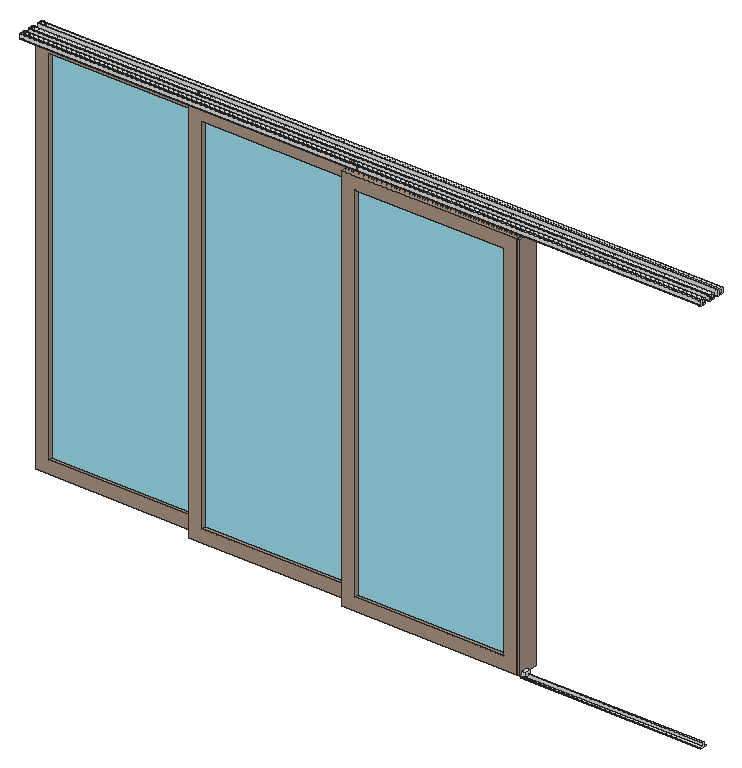
Revit family "Slido 3 Panel Pocket SPW3 XRDLP", category Doors, host Wall, Revit 2016
Family settings
  Host = Wall
  Always vertical = Yes
  Cut with Voids When Loaded = No
  Shared = No
  Room Calculation Point = No
Parameters (values of type "117"x 94 3/8"")
  URL = "www.raydoor.com"
  Type Image = SPW3.jpg
  Thickness = 2 1/4"  # constant formula
  Rough Width = 1"  # constant formula
  Rough Height = Width / 2.7209  # 43"
  Model = "SPW3"
  Function = Interior
  Door Material = Door - Panel
  Panel Material = Glass, Cast, Gray
  Height = 94 3/8"
  Trim Projection Ext = 63/64"  # constant formula
  Typ = 3"  # constant formula
  Wall Closure = By host
  Width = 117"
  Assembly Code = "SPW3 XRDLP"
Reference planes (in)
  plane 1: y = 0.00227
  plane 2: z = 0
  plane 3: x = 0
  plane 4: x = -58.5
  plane 5: x = 58.5
  plane 6: z = 94.375
  plane 7: x = 55.5
  plane 8: x = 57
  plane 9: x = 17.5
  plane 10: x = 19
  plane 11: x = 20.5
  plane 12: x = -57
  plane 13: x = -55.5
  plane 14: x = 101.5
  plane 15: x = 99.5
  plane 16: z = 92.375
  plane 17: y = -1.12191
  plane 18: y = -3.62191
  plane 19: y = 1.12809
  plane 20: y = -1.37191
  plane 21: y = 1.37809
  plane 22: y = 3.62809
  plane 23: x = -19
  plane 24: x = -17.5
  plane 25: x = -20.5
Forms (in)
  Extrusion 1, void
    sketch origin (-99, -5.58383, 0.25) x (1, 0, 0) y (0, 0, 1)
      loop
        line (157.5, -0.25) -> (200.5, -0.25) -> (200.5, 94.125) -> (157.5, 94.125) -> (157.5, -0.25)
    from -10.58085 to -0.33609
  Extrusion 2, void
    sketch origin (-195.25, -5.58383, 0.25) x (1, 0, 0) y (0, 0, 1)
      loop
        line (136.75, -0.25) -> (253.75, -0.25) -> (253.75, 94.125) -> (136.75, 94.125) -> (136.75, -0.25)
    from -12.58609 to 1.41391
  Extrusion 3, solid, material "Door - Panel" <- "Door Material"
    sketch origin (-58, 1.37582, 0.25) x (1, 0, 0) y (0, 0, 1)
      loop
        line (75.5, 92.125) -> (75.5, 0.375) -> (116.5, 0.375) -> (116.5, 92.125) -> (75.5, 92.125)
      loop
        line (78.5, 89.125) -> (78.5, 3.375) -> (113.5, 3.375) -> (113.5, 89.125) -> (78.5, 89.125)
    from 2.74773 to 4.99609
  Extrusion 4, solid, material "Glass, Cast, Gray" <- "Panel Material"
    sketch origin (-57.74997, -28.72623, 0.25) x (1, 0, 0) y (0, 0, 1)
      loop
        line (75.24997, 92.125) -> (75.24997, 1.25) -> (116.24998, 1.25) -> (116.24998, 92.125) -> (75.24997, 92.125)
    from -26.35104 to -26.10268
  Extrusion 5, void
    sketch origin (-58, -10.89076, -90.75) x (1, 0, 0) y (0, 0, 1)
      loop
        line (75.5, 92.25) -> (75.5, 91.375) -> (116.5, 91.375) -> (116.5, 92.25) -> (75.5, 92.25)
    from -8.51557 to -8.26721
  Extrusion 6, solid, material "Door - Panel" <- "Door Material"
    sketch origin (-99, -0.87481, 0.25) x (1, 0, 0) y (0, 0, 1)
      loop
        line (78.5, 92.125) -> (78.5, 0.375) -> (119.5, 0.375) -> (119.5, 92.125) -> (78.5, 92.125)
      loop
        line (81.5, 89.125) -> (81.5, 3.375) -> (116.5, 3.375) -> (116.5, 89.125) -> (81.5, 89.125)
    from -2.00126 to 0.2471
  Extrusion 7, solid, material "Glass, Cast, Gray" <- "Panel Material"
    sketch origin (-98.99995, -5.33855, 0.25) x (1, 0, 0) y (0, 0, 1)
      loop
        line (78.49995, 92.125) -> (78.49995, 1.25) -> (119.5, 1.25) -> (119.5, 92.125) -> (78.49995, 92.125)
    from -5.465 to -5.21664
  Extrusion 8, void
    sketch origin (-99, -13.13912, -90.75) x (1, 0, 0) y (0, 0, 1)
      loop
        line (78.5, 92.25) -> (78.5, 91.375) -> (119.5, 91.375) -> (119.5, 92.25) -> (78.5, 92.25)
    from -13.26557 to -13.01721
  Extrusion 9, solid, material "UHMW, White", detail levels medium+fine
    sketch origin (88.27771, -2.98033, 0.25) x (0, 1, 0) y (0, 0, 1)
      loop
        line (-0.04289, 93.90625) -> (-0.04289, 92.98401) -> (1.00562, 92.98401) -> (1.00562, 93.90625) -> (-0.04289, 93.90625)
    from -70.7777 to -67.7777
  Extrusion 10, solid, material "UHMW, White", detail levels medium+fine
    sketch origin (88.27771, -0.48033, 0.25) x (0, 1, 0) y (0, 0, 1)
      loop
        line (-0.04125, 93.90625) -> (-0.04125, 92.98401) -> (1.00726, 92.98401) -> (1.00726, 93.90625) -> (-0.04125, 93.90625)
    from -108.7777 to -105.7777
  Extrusion 11, solid, material "UHMW, White"
    sketch origin (0, 41.42165, -9.0893) x (0, 1, 0) y (0, 0, 1)
      loop
        line (-40.907, 103.38288) -> (-40.907, 103.4643) -> (-41.93051, 103.4643) -> (-41.93051, 103.38288)
        arc (-41.93051, 103.38288) -> (-41.93051, 103.30759) -> (-41.99571, 103.34523) r 0.04347
        line (-41.99571, 103.34523) -> (-42.03523, 103.34523) -> (-42.03523, 102.18925)
        arc (-42.03523, 102.18925) -> (-42.02398, 102.16209) -> (-41.99683, 102.15084) r 0.0384
        arc (-41.99683, 102.15084) -> (-41.95494, 102.17182) -> (-41.91305, 102.15084) r 0.0523
        line (-41.91305, 102.15084) -> (-41.71514, 102.15084) -> (-41.71514, 102.23084) -> (-41.93248, 102.24985) -> (-41.9641, 102.36784) -> (-41.9641, 103.22916) -> (-41.82974, 103.24091) -> (-41.82974, 103.37055) -> (-41.65586, 103.37055) -> (-41.65586, 103.28596) -> (-41.59658, 103.28596) -> (-41.59658, 103.37055) -> (-41.24093, 103.37055) -> (-41.24093, 103.28596) -> (-41.18165, 103.28596) -> (-41.18165, 103.37055) -> (-41.00777, 103.37055) -> (-41.00777, 103.24091) -> (-40.87341, 103.22916) -> (-40.87341, 102.36784) -> (-40.90503, 102.24985) -> (-41.12237, 102.23084) -> (-41.12237, 102.15084) -> (-40.92446, 102.15084)
        arc (-40.92446, 102.15084) -> (-40.88257, 102.17182) -> (-40.84068, 102.15084) r 0.0523
        arc (-40.84068, 102.15084) -> (-40.81353, 102.16209) -> (-40.80228, 102.18925) r 0.0384
        line (-40.80228, 102.18925) -> (-40.80228, 103.34523) -> (-40.8418, 103.34523)
        arc (-40.8418, 103.34523) -> (-40.907, 103.30759) -> (-40.907, 103.38288) r 0.04347
    from -58.5 to 101.5
  Extrusion 12, solid, material "UHMW, White"
    sketch origin (-41.44048, 0.41221, 94.125) x (0, -1, 0) y (1, 0, 0)
      loop
        circle (2.90868, 60.44048) r 0.125
    from -1.75 to 0.25
  Extrusion 13, solid, material "UHMW, White"
    sketch origin (0, 39.17329, -9.0893) x (0, 1, 0) y (0, 0, 1)
      loop
        line (-41.49257, 103.37055) -> (-41.49257, 103.28596) -> (-41.43329, 103.28596) -> (-41.43329, 103.37055) -> (-41.25941, 103.37055) -> (-41.25941, 103.24091) -> (-41.12505, 103.22916) -> (-41.12505, 102.36784) -> (-41.15667, 102.24985) -> (-41.37401, 102.23084) -> (-41.37401, 102.15084) -> (-41.1761, 102.15084)
        arc (-41.1761, 102.15084) -> (-41.13421, 102.17182) -> (-41.09232, 102.15084) r 0.0523
        arc (-41.09232, 102.15084) -> (-41.06517, 102.16209) -> (-41.05392, 102.18925) r 0.0384
        line (-41.05392, 102.18925) -> (-41.05392, 103.34523) -> (-41.09344, 103.34523)
        arc (-41.09344, 103.34523) -> (-41.15864, 103.30759) -> (-41.15864, 103.38288) r 0.04347
        line (-41.15864, 103.38288) -> (-41.15864, 103.4643) -> (-42.18215, 103.4643) -> (-42.18215, 103.38288)
        arc (-42.18215, 103.38288) -> (-42.18215, 103.30759) -> (-42.24735, 103.34523) r 0.04347
        line (-42.24735, 103.34523) -> (-42.28687, 103.34523) -> (-42.28687, 102.18925)
        arc (-42.28687, 102.18925) -> (-42.27562, 102.16209) -> (-42.24846, 102.15084) r 0.0384
        arc (-42.24846, 102.15084) -> (-42.20658, 102.17182) -> (-42.16469, 102.15084) r 0.0523
        line (-42.16469, 102.15084) -> (-41.96678, 102.15084) -> (-41.96678, 102.23084) -> (-42.18412, 102.24985) -> (-42.21574, 102.36784) -> (-42.21574, 103.22916) -> (-42.08138, 103.24091) -> (-42.08138, 103.37055) -> (-41.9075, 103.37055) -> (-41.9075, 103.28596) -> (-41.84822, 103.28596) -> (-41.84822, 103.37055) -> (-41.49257, 103.37055)
    from -58.5 to 101.5
  Extrusion 14, solid, material "UHMW, White"
    sketch origin (-92.86615, -12.40965, 94.125) x (0, -1, 0) y (1, 0, 0)
      loop
        circle (-14.91356, 35.86615) r 0.125
    from -1.75 to 0.25
  Extrusion 15, solid, material "UHMW, White", detail levels medium+fine
    sketch origin (128.77771, -2.98033, 0.25) x (0, 1, 0) y (0, 0, 1)
      loop
        line (1.16764, -0.25) -> (1.16764, -0.0625) -> (0.60514, -0.0625) -> (0.60514, 0.75) -> (0.41764, 0.75) -> (0.41764, -0.0625) -> (-0.14486, -0.0625) -> (-0.14486, -0.25) -> (1.16764, -0.25)
    from -69.5277 to -27.2777
  Extrusion 16, solid, material "Door - Panel" <- "Door Material"
    sketch origin (0, -1.24691, 0) x (1, 0, 0) y (0, 1, 0)
      loop
        line (58.5, -2.375) -> (59.25, -2.375) -> (59.25, 2.375) -> (58.5, 2.375) -> (58.5, -2.375)
    from 0.625 to 92.375
  Extrusion 17, solid, material "UHMW, White", detail levels medium+fine
    sketch origin (129.52771, -2.98033, 0.25) x (0, 1, 0) y (0, 0, 1)
      loop
        line (1.16764, 1.25) -> (-0.14486, 1.25) -> (-0.14486, 0.25) -> (0.41764, 0.25) -> (0.41764, 0.75) -> (0.60514, 0.75) -> (0.60514, 0.25) -> (1.16764, 0.25) -> (1.16764, 1.25)
    from -70.2777 to -69.2777
  Extrusion 18, solid, material "Door - Panel" <- "Door Material"
    sketch origin (-99, 1.62519, 0.25) x (1, 0, 0) y (0, 0, 1)
      loop
        line (40.5, 92.125) -> (40.5, 0.375) -> (81.5, 0.375) -> (81.5, 92.125) -> (40.5, 92.125)
      loop
        line (43.5, 89.125) -> (43.5, 3.375) -> (78.5, 3.375) -> (78.5, 89.125) -> (43.5, 89.125)
    from -2.00126 to 0.2471
  Extrusion 19, solid, material "Glass, Cast, Gray" <- "Panel Material"
    sketch origin (-98.99995, -2.83855, 0.25) x (1, 0, 0) y (0, 0, 1)
      loop
        line (40.49995, 92.125) -> (40.49995, 1.25) -> (81.49995, 1.25) -> (81.49995, 92.125) -> (40.49995, 92.125)
    from -5.465 to -5.21664
  Extrusion 20, void
    sketch origin (-99, -10.63912, -90.75) x (1, 0, 0) y (0, 0, 1)
      loop
        line (40.5, 92.25) -> (40.5, 91.375) -> (81.5, 91.375) -> (81.5, 92.25) -> (40.5, 92.25)
    from -13.26557 to -13.01721
  Extrusion 21, solid, material "UHMW, White"
    sketch origin (0, 43.92165, -9.0893) x (0, 1, 0) y (0, 0, 1)
      loop
        line (-40.90599, 103.4643) -> (-41.9295, 103.4643) -> (-41.9295, 103.38288)
        arc (-41.9295, 103.38288) -> (-41.9295, 103.30759) -> (-41.9947, 103.34523) r 0.04347
        line (-41.9947, 103.34523) -> (-42.03422, 103.34523) -> (-42.03422, 102.18925)
        arc (-42.03422, 102.18925) -> (-42.02297, 102.16209) -> (-41.99581, 102.15084) r 0.0384
        arc (-41.99581, 102.15084) -> (-41.95393, 102.17182) -> (-41.91204, 102.15084) r 0.0523
        line (-41.91204, 102.15084) -> (-41.71412, 102.15084) -> (-41.71412, 102.23084) -> (-41.93147, 102.24985) -> (-41.96309, 102.36784) -> (-41.96309, 103.22916) -> (-41.82873, 103.24091) -> (-41.82873, 103.37055) -> (-41.65485, 103.37055) -> (-41.65485, 103.28596) -> (-41.59557, 103.28596) -> (-41.59557, 103.37055) -> (-41.23991, 103.37055) -> (-41.23991, 103.28596) -> (-41.18064, 103.28596) -> (-41.18064, 103.37055) -> (-41.00676, 103.37055) -> (-41.00676, 103.24091) -> (-40.8724, 103.22916) -> (-40.8724, 102.36784) -> (-40.90402, 102.24985) -> (-41.12136, 102.23084) -> (-41.12136, 102.15084) -> (-40.92345, 102.15084)
        arc (-40.92345, 102.15084) -> (-40.88156, 102.17182) -> (-40.83967, 102.15084) r 0.0523
        arc (-40.83967, 102.15084) -> (-40.81252, 102.16209) -> (-40.80127, 102.18925) r 0.0384
        line (-40.80127, 102.18925) -> (-40.80127, 103.34523) -> (-40.84079, 103.34523)
        arc (-40.84079, 103.34523) -> (-40.90599, 103.30759) -> (-40.90599, 103.38288) r 0.04347
        line (-40.90599, 103.38288) -> (-40.90599, 103.4643)
    from -58.5 to 101.5
  Extrusion 22, solid, material "UHMW, White"
    sketch origin (-92.86615, -9.8062, 94.375) x (0, -1, 0) y (1, 0, 0)
      loop
        circle (-12.31011, 35.86615) r 0.125
    from -2 to 0
  Extrusion 23, solid, material "UHMW, White"
    sketch origin (-79.44048, 0.41221, 94.125) x (0, -1, 0) y (1, 0, 0)
      loop
        circle (0.40868, 60.44048) r 0.125
    from -1.75 to 0.25
Cuts and joins
  Extrusion 5 cuts Extrusion 3
  Extrusion 5 cuts Extrusion 4
  Extrusion 5 cuts Extrusion 15
  Extrusion 5 cuts Extrusion 16
  Extrusion 8, Extrusion 20 cuts Extrusion 6
  Extrusion 8, Extrusion 20 cuts Extrusion 7
  Extrusion 20 cuts Extrusion 18
  Extrusion 20 cuts Extrusion 19
Lines and regions (in)
  Masking region 1
    outline origin (-7.24693, 25.79901, 0) x (1, 0, 0) y (0, 1, 0)
      loop
        line (107.49694, -29.42092) -> (107.49694, -28.9242) -> (108.49694, -28.9242) -> (108.49694, -27.6117) -> (107.49694, -27.6117) -> (107.49694, -22.17092) -> (106.74694, -22.17092) -> (106.74694, -27.17092) -> (65.74693, -27.17092) -> (65.74693, -29.42092) -> (107.49694, -29.42092)
  Masking region 2
    outline origin (-7.24693, 28.04284, 0) x (1, 0, 0) y (0, 1, 0)
      loop
        line (106.74694, -29.16475) -> (106.74694, -26.91475) -> (65.74693, -26.91475) -> (65.74693, -29.16475) -> (106.74694, -29.16475)
  Masking region 3
    outline origin (-7.24693, 30.54284, 0) x (1, 0, 0) y (0, 1, 0)
      loop
        line (106.74694, -29.16475) -> (106.74694, -26.91475) -> (65.74693, -26.91475) -> (65.74693, -29.16475) -> (106.74694, -29.16475)
  symbolic lines, style "Elevation Swing"
    curve 1: line (-14.87555, 0, 37.98833) -> (14.62445, 0, 37.98833)
    curve 2: line (14.62445, 0, 32.79755) -> (-14.37555, 0, 32.79755)
    curve 3: line (-14.87555, 0, 37.98833) -> (-9.6794, 0, 40.98833)
    curve 8: line (9.4283, 0, 29.79755) -> (14.62445, 0, 32.79755)
  symbolic lines, style "Plan Swing", detail levels medium+fine
    curve 4: line (100.25, -3.62191, 0) -> (100.25, 1.12809, 0)
    curve 5: line (99.5, -3.62191, 0) -> (99.5, 1.12809, 0)
  model lines
    curve 6: line (-58.5, 7.00227, 0) -> (58.5, 7.00227, 0)
    curve 7: line (-58.5, -6.99773, 0) -> (58.5, -6.99773, 0)
  symbolic lines, style "Plan Swing"
    curve 9: line (7.8949, -18.55138, 0) -> (-7.8949, -18.55138, 0)
    curve 10: line (-7.8949, -18.55138, 0) -> (-5.77358, -16.43006, 0)
    curve 11: line (7.8949, -20.07036, 0) -> (-7.8949, -20.07036, 0)
    curve 12: line (5.77358, -22.19168, 0) -> (7.8949, -20.07036, 0)
Dimensions and locks (in)
  equal spacing: plane 4, plane 3, plane 5
  "Width": plane 4 to plane 5
  "Height": plane 6 to plane 2
  equal spacing: plane 7, plane 8, plane 5, locked at 1.5 each
  "Typ": plane 7 to plane 5
  equal spacing: plane 9, plane 10, plane 11, locked at 1.5 each
  "Typ": plane 9 to plane 11
  equal spacing: plane 12, plane 23, plane 10, plane 8
  "Typ": plane 4 to plane 13
  equal spacing: plane 4, plane 12, plane 13, locked at 1.5 each
  "Rough Height": plane 5 to plane 14
  locked: plane 15 to plane 14 at 2
  plane 6 to plane 16 = 2"
  "Typ": Extrusion 3 sketch curve to Extrusion 3 sketch curve  (x2)
  locked: Extrusion 4 to Extrusion 4 at 0.24836
  locked: Extrusion 4 sketch curve to Extrusion 3 at 0.875
  locked: Extrusion 5 to Extrusion 5 at 0.24836
  "Typ": Extrusion 6 sketch curve to Extrusion 6 sketch curve  (x2)
  locked: Extrusion 7 to Extrusion 7 at 0.24836
  locked: Extrusion 6 to Extrusion 7 at 1
  locked: Extrusion 7 sketch curve to Extrusion 6 at 0.875
  locked: Extrusion 8 to Extrusion 8 at 0.24836
  locked: plane 17 to plane 20 at 0.25
  "Thickness": plane 19 to plane 17
  "Thickness": plane 20 to plane 18
  Extrusion 15 sketch curve to Extrusion 15 sketch curve = 3/16"
  locked: Extrusion 15 sketch curve to Extrusion 15 sketch curve at 0.5625  (x2)
  locked: Extrusion 15 sketch curve to Extrusion 15 sketch curve at 0.1875
  locked: Extrusion 17 sketch curve to Extrusion 17 sketch curve at 1
  locked: Extrusion 17 sketch curve to Extrusion 17 sketch curve at 0.5625  (x2)
  locked: Extrusion 17 sketch curve to Extrusion 17 sketch curve at 0.1875
  locked: Extrusion 16 to Extrusion 17 at 1
  locked: plane 20 to cut or joined group of Extrusion 4, Extrusion 5 at 1.00328
  "Typ": Extrusion 18 sketch curve to Extrusion 18 sketch curve  (x2)
  locked: Extrusion 19 to Extrusion 19 at 0.24836
  locked: Extrusion 18 to Extrusion 19 at 1
  locked: Extrusion 19 sketch curve to Extrusion 18 at 0.875
  locked: Extrusion 20 to Extrusion 20 at 0.24836
  locked: plane 21 to plane 19 at 0.25
  "Thickness": plane 22 to plane 21
  locked: plane 22 to Extrusion 22 sketch curve at 1.24918
  plane 25 to plane 23 to plane 24 = 1 1/2" locked, 1 1/2" locked
  plane 25 to plane 24 = 3"
  locked: plane 5 to cut or joined group of Extrusion 5, Extrusion 16 at 0.75
  locked: plane 22 to Extrusion 14 sketch curve at 0.99918
  locked: Extrusion 14 sketch curve to plane 13 at 1.375
  locked: Extrusion 12 sketch curve to plane 11 at 1.375
  locked: Extrusion 12 sketch curve to plane 18 at 1.00044
  locked: plane 21 to Extrusion 23 sketch curve at 1.24956
  locked: Extrusion 23 sketch curve to plane 24 at 1.375
  Extrusion 21 to Extrusion 21 = 1.23295"
  Extrusion 11 to Extrusion 11 = 1.23295"
  Extrusion 13 to Extrusion 13 = 1.23295"
  plane 21 to plane 19 = 1/4"
  plane 17 to plane 20 = 1/4"
  plane 22 to plane 21 = 2 1/4"
  plane 19 to plane 17 = 2 1/4"
  plane 20 to plane 18 = 2 1/4"
  plane 22 to plane 18 = 7 1/4"
  Extrusion 13 to plane 6 = 1.31346"
  plane 16 to plane 6 = 2"
  level to cut or joined group of Extrusion 3, Extrusion 5 = 5/8"
  diameter of Extrusion 22 sketch curve = 1/4"
  diameter of Extrusion 14 sketch curve = 1/4"
  diameter of Extrusion 12 sketch curve = 1/4"
  diameter of Extrusion 23 sketch curve = 1/4"
  aligned and locked: Extrusion 1 sketch curve to plane 6
  aligned and locked: Extrusion 1 to plane 14
  aligned and locked: plane 4 to Extrusion 2
  aligned and locked: host wall to Extrusion 2  (x2)
  aligned and locked: Extrusion 2 to plane 5
  aligned and locked: plane 5 to Extrusion 1
  aligned and locked: Extrusion 2 to level
  aligned and locked: Extrusion 1 sketch curve to level
  aligned and locked: Extrusion 3 to Extrusion 4
  aligned and locked: Extrusion 3 to Extrusion 5  (x2)
  aligned and locked: Extrusion 6 to Extrusion 7
  aligned and locked: Extrusion 6 to Extrusion 8  (x2)
  aligned and locked: plane 19 to Masking region 2
  aligned and locked: Masking region 2 to plane 17
  aligned and locked: plane 20 to Masking region 1
  aligned and locked: Masking region 1 to plane 18
  aligned and locked: Extrusion 15 sketch curve to Extrusion 15 sketch curve
  aligned and locked: Extrusion 16 sketch curve to plane 18
  aligned and locked: plane 19 to Extrusion 16 sketch curve
  aligned and locked: Extrusion 17 to Extrusion 16
  aligned and locked: Extrusion 17 to Masking region 1 sketch curve
  aligned and locked: Masking region 1 sketch curve to Masking region 1 sketch curve
  aligned and locked: Masking region 1 sketch curve to Extrusion 17
  aligned and locked: Extrusion 18 to Extrusion 19
  aligned and locked: Extrusion 18 to Extrusion 20  (x2)
  aligned and locked: plane 22 to Masking region 3
  aligned and locked: Masking region 3 to plane 21
  aligned and locked: Extrusion 19 to plane 24
  aligned and locked: Extrusion 20 to cut or joined group of Extrusion 18, Extrusion 20
  aligned and locked: cut or joined group of Extrusion 6, Extrusion 8, Extrusion 20 to plane 24
  aligned and locked: cut or joined group of Extrusion 18, Extrusion 20 to plane 24
  aligned and locked: cut or joined group of Extrusion 6, Extrusion 8, Extrusion 20 to plane 25
  aligned and locked: cut or joined group of Extrusion 7, Extrusion 8, Extrusion 20 to plane 25
  aligned and locked: cut or joined group of Extrusion 18, Extrusion 20 to plane 25
  aligned and locked: plane 22 to Masking region 1 sketch curve
  aligned and locked: plane 4 to Extrusion 21
  aligned and locked: plane 4 to Extrusion 11
  aligned and locked: plane 4 to Extrusion 13
  aligned and locked: cut or joined group of Extrusion 5, Extrusion 16 to plane 16
  aligned and locked: Extrusion 9 to plane 11
  aligned and locked: plane 9 to Extrusion 9
  aligned and locked: Extrusion 10 to plane 25
  aligned and locked: Extrusion 10 to plane 24
  aligned and locked: cut or joined group of Extrusion 5, Extrusion 15 to plane 14
  aligned and locked: Extrusion 13 to plane 14
  aligned and locked: Extrusion 11 to plane 14
  aligned and locked: Extrusion 21 to plane 14
  aligned and locked: cut or joined group of Extrusion 18, Extrusion 20 to cut or joined group of Extrusion 18, Extrusion 20
  aligned and locked: cut or joined group of Extrusion 5, Extrusion 15 to cut or joined group of Extrusion 5, Extrusion 16
  aligned and locked: Extrusion 14 to plane 6
  aligned and locked: Extrusion 12 to plane 6
  aligned and locked: Extrusion 23 to plane 6
  aligned and locked: plane 16 to Extrusion 22
  aligned and locked: cut or joined group of Extrusion 5, Extrusion 16 to cut or joined group of Extrusion 6, Extrusion 8, Extrusion 20
  aligned and locked: cut or joined group of Extrusion 18, Extrusion 20 to cut or joined group of Extrusion 6, Extrusion 8, Extrusion 20
Automatic sketch dimensions
  curve 3 to plane 24 = 2.62445"
  level to curve 3 = 37.98833"
  plane 9 to curve 8 = 2.87555"
  curve 1 to curve 8 = 5.19077"
  curve 3 to plane 24 = 7.8206"
  curve 3 to curve 1 = 3"
  plane 9 to curve 8 = 8.0717"
  curve 2 to curve 8 = 3"
  curve 2 to plane 24 = 3.12445"
  plane 9 to curve 1 = 2.87555"
  curve 5 to plane 15 = 0"
  curve 4 to plane 18 = 0"
  curve 4 to plane 19 = 0"
  curve 5 to plane 18 = 0"
  curve 5 to plane 19 = 0"
  plane 3 to curve 11 = 7.8949"
  curve 10 to plane 3 = 7.8949"
  host wall to curve 10 = 11.55364"
  curve 12 to curve 9 = 1.51898"
  curve 9 to curve 11 = 0"
  curve 12 to curve 11 = 2.12132"  (x2)
  curve 9 to curve 10 = 2.12132"  (x2)
  curve 11 to curve 9 = 0"
  curve 4 to plane 15 = 3/4"
  plane 5 to Extrusion 1 sketch curve = 0"
  plane 14 to Extrusion 1 sketch curve = 0"
  plane 4 to Extrusion 2 sketch curve = 0"
  plane 5 to Extrusion 2 sketch curve = 0"
  Extrusion 2 sketch curve to level = 0"
  Extrusion 2 sketch curve to plane 6 = 0"
  Masking region 1 sketch curve to plane 5 = 0"
  Masking region 1 sketch curve to plane 15 = 0"
  Masking region 1 sketch curve to plane 18 = 0"
  Masking region 1 sketch curve to plane 20 = 0"
  Masking region 1 sketch curve to plane 15 = 3/4"
  plane 14 to Masking region 1 sketch curve = 1/4"
  Masking region 2 sketch curve to plane 5 = 0"
  Masking region 2 sketch curve to plane 15 = 0"
  Masking region 2 sketch curve to plane 17 = 0"
  Masking region 2 sketch curve to plane 19 = 0"
  plane 9 to Extrusion 3 sketch curve = 0"
  plane 7 to Extrusion 3 sketch curve = 0"
  plane 5 to Extrusion 3 sketch curve = 0"
  Extrusion 3 sketch curve to plane 16 = 0"
  plane 11 to Extrusion 3 sketch curve = 0"
  level to Extrusion 3 sketch curve = 3 5/8"
  plane 9 to Extrusion 4 sketch curve = 0"
  Extrusion 4 sketch curve to plane 16 = 0"
  Extrusion 4 sketch curve to plane 5 = 0"
  plane 9 to Extrusion 5 sketch curve = 0"
  plane 5 to Extrusion 5 sketch curve = 0"
  level to Extrusion 5 sketch curve = 5/8"
  Extrusion 5 sketch curve to Extrusion 5 sketch curve = 7/8"
  Extrusion 6 sketch curve to plane 25 = 0"
  plane 24 to Extrusion 6 sketch curve = 0"
  plane 9 to Extrusion 6 sketch curve = 0"
  Extrusion 6 sketch curve to plane 16 = 0"
  Extrusion 6 sketch curve to plane 11 = 0"
  level to Extrusion 6 sketch curve = 3 5/8"
  Extrusion 7 sketch curve to plane 25 = 0"
  Extrusion 7 sketch curve to plane 16 = 0"
  Extrusion 7 sketch curve to plane 11 = 0.00005"
  Extrusion 8 sketch curve to plane 25 = 0"
  plane 11 to Extrusion 8 sketch curve = 0"
  level to Extrusion 8 sketch curve = 5/8"
  Extrusion 8 sketch curve to Extrusion 8 sketch curve = 7/8"
  plane 18 to Extrusion 9 sketch curve = 0.59869"
  Extrusion 9 sketch curve to plane 20 = 0.6028"
  Extrusion 9 sketch curve to plane 16 = 0.85901"
  plane 6 to Extrusion 9 sketch curve = 7/32"
  host wall to Extrusion 10 sketch curve = 0.52385"
  Extrusion 10 sketch curve to host wall = 0.52466"
  Extrusion 10 sketch curve to plane 16 = 0.85901"
  plane 6 to Extrusion 10 sketch curve = 7/32"
  plane 6 to Extrusion 11 sketch curve = 0"
  plane 6 to Extrusion 11 sketch curve = 0.11907"  (x2)
  plane 17 to Extrusion 11 sketch curve = 0.50834"
  Extrusion 11 sketch curve to Extrusion 11 sketch curve = 0.0384"  (x2)
  Extrusion 11 sketch curve to Extrusion 11 sketch curve = 0.03952"
  Extrusion 11 sketch curve to Extrusion 11 sketch curve = 0.03273"
  Extrusion 11 sketch curve to Extrusion 11 sketch curve = 0.04189"  (x4)
  Extrusion 11 sketch curve to Extrusion 11 sketch curve = 0.04347"  (x2)
  Extrusion 11 sketch curve to Extrusion 11 sketch curve = 0.06434"
  Extrusion 11 sketch curve to Extrusion 11 sketch curve = 0.02173"  (x2)
  Extrusion 11 sketch curve to Extrusion 11 sketch curve = 0.10077"  (x2)
  Extrusion 11 sketch curve to Extrusion 11 sketch curve = 0.19792"  (x2)
  Extrusion 11 sketch curve to Extrusion 11 sketch curve = 0.17388"  (x2)
  Extrusion 11 sketch curve to Extrusion 11 sketch curve = 0.05928"  (x2)
  Extrusion 11 sketch curve to host wall = 0.17846"
  Extrusion 11 sketch curve to host wall = 0.29701"
  Extrusion 11 sketch curve to Extrusion 11 sketch curve = 0.01943"
  Extrusion 11 sketch curve to Extrusion 11 sketch curve = 0.01186"
  plane 6 to Extrusion 11 sketch curve = 0.17835"  (x2)
  Extrusion 11 sketch curve to Extrusion 11 sketch curve = 0.10432"  (x2)
  Extrusion 11 sketch curve to Extrusion 11 sketch curve = 0.11608"  (x2)
  Extrusion 11 sketch curve to Extrusion 11 sketch curve = 0.86132"  (x2)
  Extrusion 11 sketch curve to Extrusion 11 sketch curve = 0.11799"  (x2)
  Extrusion 11 sketch curve to Extrusion 11 sketch curve = 0.01902"  (x2)
  Extrusion 11 sketch curve to Extrusion 11 sketch curve = 0.06061"  (x2)
  Extrusion 11 sketch curve to Extrusion 11 sketch curve = 0.03133"  (x2)
  plane 6 to Extrusion 11 sketch curve = 3/32"
  Extrusion 11 sketch curve to Extrusion 11 sketch curve = 0"  (x2)
  plane 6 to Extrusion 13 sketch curve = 0"
  plane 6 to Extrusion 13 sketch curve = 0.11907"  (x2)
  plane 18 to Extrusion 13 sketch curve = 0.50834"
  Extrusion 13 sketch curve to Extrusion 13 sketch curve = 0.0384"  (x2)
  Extrusion 13 sketch curve to Extrusion 13 sketch curve = 0.03952"
  Extrusion 13 sketch curve to Extrusion 13 sketch curve = 0.03273"
  Extrusion 13 sketch curve to Extrusion 13 sketch curve = 0.04189"  (x4)
  Extrusion 13 sketch curve to Extrusion 13 sketch curve = 0.04347"  (x2)
  Extrusion 13 sketch curve to Extrusion 13 sketch curve = 0.06434"
  Extrusion 13 sketch curve to Extrusion 13 sketch curve = 0.02173"  (x2)
  Extrusion 13 sketch curve to Extrusion 13 sketch curve = 0.13436"
  Extrusion 13 sketch curve to Extrusion 13 sketch curve = 0.19792"  (x2)
  Extrusion 13 sketch curve to Extrusion 13 sketch curve = 0.17388"  (x2)
  Extrusion 13 sketch curve to Extrusion 13 sketch curve = 0.05928"  (x2)
  plane 6 to Extrusion 13 sketch curve = 3/32"  (x2)
  Extrusion 13 sketch curve to Extrusion 13 sketch curve = 0.35566"
  Extrusion 13 sketch curve to Extrusion 13 sketch curve = 0.59276"
  plane 6 to Extrusion 13 sketch curve = 0.22339"
  Extrusion 13 sketch curve to Extrusion 13 sketch curve = 0.10077"
  Extrusion 13 sketch curve to Extrusion 13 sketch curve = 0.01943"
  Extrusion 13 sketch curve to Extrusion 13 sketch curve = 0.03161"
  Extrusion 13 sketch curve to Extrusion 13 sketch curve = 0.11608"
  Extrusion 13 sketch curve to Extrusion 13 sketch curve = 0.01175"  (x2)
  Extrusion 13 sketch curve to Extrusion 13 sketch curve = 0.86132"  (x2)
  Extrusion 13 sketch curve to Extrusion 13 sketch curve = 0.11799"  (x2)
  Extrusion 13 sketch curve to Extrusion 13 sketch curve = 0.01902"  (x2)
  Extrusion 13 sketch curve to Extrusion 13 sketch curve = 0.06061"  (x2)
  Extrusion 13 sketch curve to Extrusion 13 sketch curve = 0.03133"  (x2)
  Extrusion 13 sketch curve to Extrusion 13 sketch curve = 0.0846"  (x2)
  Extrusion 13 sketch curve to Extrusion 13 sketch curve = 0"
  Extrusion 15 sketch curve to level = 0"
  plane 18 to Extrusion 15 sketch curve = 0.49672"
  Extrusion 15 sketch curve to Extrusion 15 sketch curve = 13/16"
  Extrusion 16 sketch curve to plane 5 = 0"
  Extrusion 16 sketch curve to Extrusion 16 sketch curve = 3/4"
  plane 18 to Extrusion 17 sketch curve = 0.49672"
  level to Extrusion 17 sketch curve = 1/2"  (x2)
  Extrusion 17 sketch curve to Extrusion 17 sketch curve = 1/2"
  curve 6 to level = 0"
  plane 5 to curve 6 = 0"
  plane 4 to curve 6 = 0"
  curve 7 to level = 0"
  plane 5 to curve 7 = 0"
  plane 4 to curve 7 = 0"
  Masking region 3 sketch curve to plane 5 = 0"
  Masking region 3 sketch curve to plane 15 = 0"
  Masking region 3 sketch curve to plane 21 = 0"
  Masking region 3 sketch curve to plane 22 = 0"
  plane 4 to Extrusion 18 sketch curve = 0"
  plane 13 to Extrusion 18 sketch curve = 0"
  Extrusion 18 sketch curve to plane 25 = 0"
  Extrusion 18 sketch curve to plane 16 = 0"
  plane 24 to Extrusion 18 sketch curve = 0"
  level to Extrusion 18 sketch curve = 3 5/8"
  plane 4 to Extrusion 19 sketch curve = 0"
  plane 24 to Extrusion 19 sketch curve = 0"
  Extrusion 19 sketch curve to plane 16 = 0"
  plane 4 to Extrusion 20 sketch curve = 0"
  plane 24 to Extrusion 20 sketch curve = 0"
  level to Extrusion 20 sketch curve = 5/8"
  Extrusion 20 sketch curve to Extrusion 20 sketch curve = 7/8"
  plane 6 to Extrusion 21 sketch curve = 0"
  plane 21 to Extrusion 21 sketch curve = 0.50935"
  Extrusion 21 sketch curve to Extrusion 21 sketch curve = 0.0384"  (x2)
  Extrusion 21 sketch curve to Extrusion 21 sketch curve = 0.03952"
  Extrusion 21 sketch curve to Extrusion 21 sketch curve = 0.03161"
  Extrusion 21 sketch curve to Extrusion 21 sketch curve = 0.04189"  (x4)
  Extrusion 21 sketch curve to Extrusion 21 sketch curve = 0.04347"  (x2)
  Extrusion 21 sketch curve to Extrusion 21 sketch curve = 0.06434"
  Extrusion 21 sketch curve to Extrusion 21 sketch curve = 0.02173"  (x2)
  plane 6 to Extrusion 21 sketch curve = 0.22339"  (x2)
  Extrusion 21 sketch curve to Extrusion 21 sketch curve = 0.13436"
  Extrusion 21 sketch curve to Extrusion 21 sketch curve = 0.19792"  (x2)
  Extrusion 21 sketch curve to Extrusion 21 sketch curve = 0.17388"  (x2)
  Extrusion 21 sketch curve to Extrusion 21 sketch curve = 0.05928"  (x2)
  Extrusion 21 sketch curve to Extrusion 21 sketch curve = 0.35566"
  Extrusion 21 sketch curve to Extrusion 21 sketch curve = 0.59276"
  Extrusion 21 sketch curve to Extrusion 21 sketch curve = 0.10077"
  Extrusion 21 sketch curve to Extrusion 21 sketch curve = 0.01943"
  Extrusion 21 sketch curve to Extrusion 21 sketch curve = 0.01186"
  Extrusion 21 sketch curve to Extrusion 21 sketch curve = 0.01175"  (x2)
  Extrusion 21 sketch curve to Extrusion 21 sketch curve = 0.86132"  (x2)
  Extrusion 21 sketch curve to Extrusion 21 sketch curve = 0.11799"  (x2)
  Extrusion 21 sketch curve to Extrusion 21 sketch curve = 0.01902"  (x2)
  Extrusion 21 sketch curve to Extrusion 21 sketch curve = 0.06061"  (x2)
  Extrusion 21 sketch curve to Extrusion 21 sketch curve = 0.03133"  (x2)
  plane 6 to Extrusion 21 sketch curve = 0.17835"  (x2)
  plane 6 to Extrusion 21 sketch curve = 0.11907"  (x2)
  plane 6 to Extrusion 21 sketch curve = 3/32"  (x2)
  Extrusion 21 sketch curve to Extrusion 21 sketch curve = 0"
  Extrusion 21 to Extrusion 22 sketch curve = 1 1/2"
